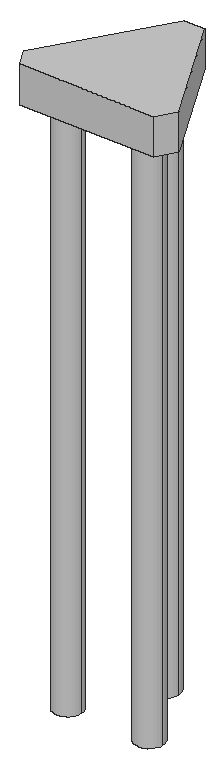
Revit family "桩基承台-三桩三角形承台", category 结构基础, Revit 2016
Family settings
  用于模型行为的材质 = 混凝土
  管帽 = 否
  基于工作平面 = 否
  总是垂直 = 是
  加载时剪切的空心 = 否
  共享 = 否
Parameters (values of type "CT3-1")
  桩材质 [instance] = 混凝土 - 现场浇注混凝土
  厚度 = 400 mm
  a1 = 400 mm
  S0 = α * S  # 900 mm
  宽度 = 0 mm
  a2 = 400 mm
  Structural Material [instance] = 混凝土 - 现场浇注混凝土
  y = a2 + S2 + S1 + D  # 1480 mm
  S = 900 mm
  桩类型 = 桩 - 混凝土圆形桩 : 300mm 直径
  S1 = 520 mm
  S2 = 260 mm
  桩长度 [instance] = 6000 mm
  长度 = 0 mm
  桩嵌固 = 150 mm
  D = 300 mm
  Assembly Code = ""
  α = 1
Types (3, lengths in mm): name | 桩材质 | 厚度 | y | S | S1 | S2 | 桩嵌固 | α
  (no name) | 混凝土 - 现场浇注混凝土 | 400 | 1480 | 900 | 520 | 260 | 150 | 1
  CT3a-1 | none | 500 | 1810 | 1200 | 740 | 370 | 100 | 0.75
  CT3-1 | 混凝土 - 现场浇注混凝土 | 400 | 1480 | 900 | 520 | 260 | 150 | 1
Reference planes
  plane 1 "中心(前/后)": y = 29.2
  plane 2: z = 0
  plane 3 "中心(左/右)": x = -370.069
  plane 4: y = 949.2
  plane 5: y = -530.8
  plane 6: z = -400
  plane 7: x = -820.069
  plane 8: x = 79.931
  plane 9: y = 549.2
  plane 10: y = -230.8
  plane 11: z = -250
Forms (mm)
  Extrusion 1, solid, material "混凝土 - 现场浇注混凝土" <- "Structural Material"
    sketch origin (0, 0, 0) x (1, 0, 0) y (0, 1, 0)
      loop
        line (-485.646, 949.2) -> (-1224.161, -330.893) -> (-1108.745, -530.8) -> (368.606, -530.8) -> (484.022, -330.893) -> (-254.493, 949.2) -> (-485.646, 949.2)
    from -400 to 0
Lines and regions (mm)
  reference lines
    curve 1: line (-370.069, 549.2, 0) -> (79.931, -230.8, 0)
    curve 2: line (-370.069, 549.2, 0) -> (-820.069, -230.8, 0)
Dimensions and locks
  "厚度": plane 2 to plane 6
  "a2": plane 4 to plane 9
  "D": plane 5 to plane 10
  "桩嵌固": plane 11 to plane 6
  equal spacing: plane 7, plane 3 "中心(左/右)", plane 8
  "S0": plane 7 to plane 8
  "S2": plane 10 to plane 1 "中心(前/后)"
  "S1": plane 1 "中心(前/后)" to plane 9
  "D": curve 1 to Extrusion 1 sketch curve
  "D": Extrusion 1 sketch curve to curve 2
  "a1": curve 2 to Extrusion 1 sketch curve
  "a1": curve 1 to Extrusion 1 sketch curve
  angle Extrusion 1 sketch curve to plane 5 = 60.00°
  angle plane 5 to Extrusion 1 sketch curve = 60.00°
  aligned and locked: Extrusion 1 sketch curve to plane 4
  aligned and locked: plane 5 to Extrusion 1 sketch curve
  aligned and locked: level to Extrusion 1
  aligned and locked: Extrusion 1 to plane 6
  aligned and locked: plane 9 to nested 1
  aligned and locked: nested 1 to plane 3 "中心(左/右)"
  aligned and locked: plane 11 to nested 1
  aligned and locked: plane 10 to nested 2
  aligned and locked: plane 8 to nested 2
  aligned and locked: plane 11 to nested 2
  aligned and locked: plane 10 to curve 1
  aligned and locked: plane 9 to curve 2
  aligned and locked: plane 10 to curve 2
  aligned and locked: plane 7 to curve 2
  aligned and locked: nested 3 to plane 11
  aligned and locked: plane 10 to nested 3
  aligned and locked: nested 3 to plane 7
Automatic sketch dimensions
  curve 1 to plane 8 = 0 mm
  curve 2 to plane 3 "中心(左/右)" = 0 mm
Nested families
  nested 1: "桩 - 混凝土圆形桩" at (-370.069, 549.2, -400), 桩长度 <- "桩长度", 最小预埋件 <- "桩嵌固", type <- "桩类型", Structural Material <- "桩材质", type "300mm 直径"
    with 桩长度 6000 mm, 最小预埋件 150 mm, Structural Material 混凝土 - 现场浇注混凝土
  nested 2: "桩 - 混凝土圆形桩" at (79.931, -230.8, -400), 桩长度 <- "桩长度", 最小预埋件 <- "桩嵌固", type <- "桩类型", Structural Material <- "桩材质", type "300mm 直径"
    with 桩长度 6000 mm, 最小预埋件 150 mm, Structural Material 混凝土 - 现场浇注混凝土
  nested 3: "桩 - 混凝土圆形桩" at (-820.069, -230.8, -400), 桩长度 <- "桩长度", 最小预埋件 <- "桩嵌固", type <- "桩类型", Structural Material <- "桩材质", type "300mm 直径"
    with 桩长度 6000 mm, 最小预埋件 150 mm, Structural Material 混凝土 - 现场浇注混凝土
Definition of nested family "桩 - 混凝土圆形桩"
  Parameters
    Structural Material [instance] = none
    半径 = Diameter / 2  # 150 mm
    桩长度 [instance] = 6000 mm
    最小预埋件 [instance] = 100 mm
    Diameter = 300 mm
    Assembly Code = ""
  Reference planes
    plane 1 "中心(前/后)": y = 0
    plane 2: z = 0
    plane 3 "中心(左/右)": x = 0
    plane 4: z = -6000
    plane 5: z = 100
  Forms (mm)
    Extrusion 1, solid, material <- "Structural Material"
      sketch origin (0, 0, 0) x (1, 0, 0) y (0, 1, 0)
        loop
          circle (0, 0) r 150
      from -6000 to 100
  Dimensions and locks
    "桩长度": plane 2 to plane 4
    "最小预埋件": plane 5 to plane 2
    "半径": radius of Extrusion 1 sketch curve
    aligned and locked: Extrusion 1 to plane 4
    aligned and locked: Extrusion 1 to plane 5
  Automatic sketch dimensions
    Extrusion 1 sketch curve to plane 1 "中心(前/后)" = 0 mm
    Extrusion 1 sketch curve to plane 3 "中心(左/右)" = 0 mm
